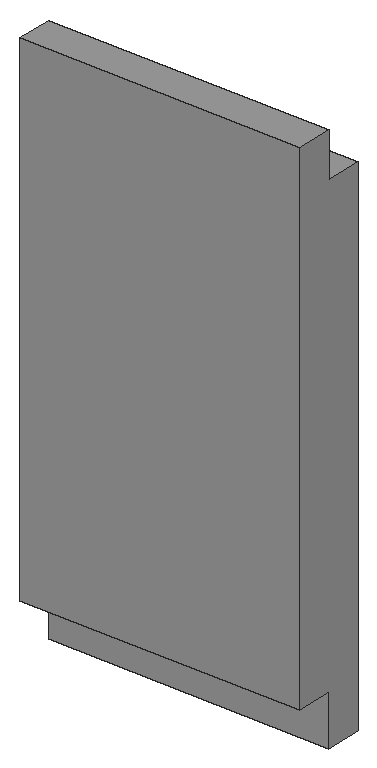
Revit family
Parameters (values of type "Gasbeton con risega")
  spessore blocco [instance] = 130 mm
  risega blocco superiore [instance] = 180 mm
  risega blocco inferiore [instance] = 90 mm
  risega blocco [instance] = 117 mm
  risega [instance] = no
  larghezza blocco sx [instance] = 250 mm
  larghezza blocco dx [instance] = 250 mm
  larghezza blocco [instance] = 250 mm
  altezza blocco [instance] = 992 mm
  Volume Gasbeton [instance] = (altezza blocco * (larghezza blocco sx + larghezza blocco dx) * spessore blocco)  # 0.06448 m³
  Peso Gasbeton = 4000 N/m³
  Peso Blocco [instance] = Peso Gasbeton * Volume Gasbeton  # 0.25792 kN
  Materiale = Gasbeton
  Esposizione [instance] = ""
  Cost = 12
  Assembly Code = ""
Reference planes
  plane 1 "Centro (Fronte/Retro)": y = 0
  plane 2: z = 0
  plane 3 "Centro (Sinistra/Destra)": x = 0
  plane 4 "Sinistra": x = -250
  plane 5 "Destra": x = 250
  plane 6 "SUP": z = 4000
  plane 7: y = 130
  plane 8: z = 992
  plane 9: z = 912
  plane 10: z = -10
  plane 11: y = 65
  plane 12: z = -100
  plane 13: z = 992
  plane 14: z = 992
  plane 15: z = 1092
Forms (mm)
  Extrusion 1, solid, material "Intonaco_bianco"
    sketch origin (0, 0, 0) x (0, 1, 0) y (0, 0, 1)
      loop
        line (0, 992) -> (0, 0) -> (130, 0) -> (130, 992) -> (0, 992)
    from -250 to 250
  Extrusion 2, void
    sketch origin (0, 0, 0) x (1, 0, 0) y (0, 1, 0)
      loop
        line (-250, 130) -> (-250, 65) -> (250, 65) -> (250, 130) -> (-250, 130)
    from 912 to 1092
  Extrusion 3, void
    sketch origin (0, 0, 0) x (1, 0, 0) y (0, 1, 0)
      loop
        line (-250, 65) -> (-250, 0) -> (250, 0) -> (250, 65) -> (-250, 65)
    from -100 to 90
Cuts and joins
  Extrusion 2, Extrusion 3 cuts Extrusion 1
Text (mm)
  text "Esterno" at (-2351.972, 1416.179, 0), in view "Livello rif."
  text "Esterno" at (0, 2290.741, 4406.713), in view "Sinistra"
  text "Esterno" at (0, 1328.187, 4120.349), in view "Destra"
Dimensions and locks
  "spessore blocco": plane 1 "Centro (Fronte/Retro)" to plane 7
  "altezza blocco": plane 8 to level
  equal spacing: plane 7, plane 11, plane 1 "Centro (Fronte/Retro)", locked at 65 each
  "larghezza blocco sx": Extrusion 1 to plane 3 "Centro (Sinistra/Destra)"
  "larghezza blocco dx": plane 3 "Centro (Sinistra/Destra)" to Extrusion 1
  locked: plane 15 to plane 14 at 100
  locked: plane 2 to plane 12 at 100
  "risega blocco superiore": plane 15 to plane 9
  "risega blocco inferiore": plane 10 to plane 12
  aligned and locked: plane 8 to Extrusion 1
  aligned and locked: plane 1 "Centro (Fronte/Retro)" to Extrusion 1
  aligned and locked: plane 7 to Extrusion 1
  aligned and locked: Extrusion 1 to level
  aligned and locked: Extrusion 1 to Extrusion 2 sketch curve
  aligned and locked: Extrusion 2 sketch curve to Extrusion 1  (x2)
  aligned and locked: plane 11 to Extrusion 2 sketch curve
  aligned and locked: Extrusion 3 sketch curve to cut or joined group of Extrusion 1, Extrusion 2, Extrusion 3  (x3)
  aligned and locked: cut or joined group of Extrusion 1, Extrusion 2, Extrusion 3 to Extrusion 3 sketch curve
  aligned and locked: Extrusion 3 to plane 12
  aligned and locked: plane 15 to Extrusion 2
  aligned and locked: Extrusion 2 to plane 9
Automatic sketch dimensions
  Extrusion 1 sketch curve to plane 1 "Centro (Fronte/Retro)" = 0 mm
  Extrusion 1 sketch curve to plane 7 = 0 mm
  Extrusion 1 sketch curve to level = 0 mm
  Extrusion 1 sketch curve to plane 8 = 0 mm
